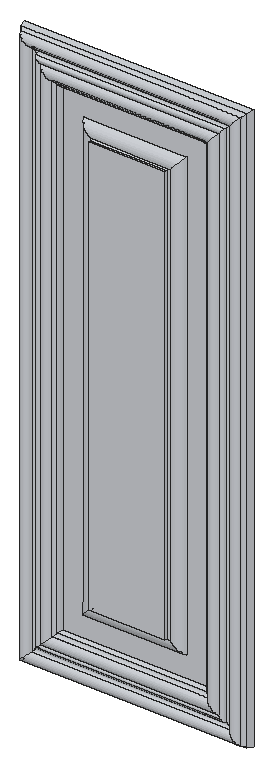
Revit family "OracDecor_D504", category Обобщенные модели, Revit 2019
Family settings
  Может служить основой для арматурных стержней = Нет
  Размер круглого соединителя = Использовать диаметр
  Тип детали = Нормальный
  На основе рабочей плоскости = Нет
  Всегда вертикально = Да
  При загрузке вырезать с полостями = Нет
  Общий = Нет
  Точка расчета площади = Нет
Parameters
  Изготовитель = "Family from POCHERTEAM"  # constant formula
  URL = "t.me/pocherteam"
Reference planes
  plane 1 "По центру (Вперед/Назад)": y = 0
  plane 2: z = 0
  plane 3 "По центру (Влево/Вправо)": x = 0
Forms (mm)
  Sweep 1, solid
    path origin (0, 0, 0) x (1, 0, 0) y (0, 0, 1)
      loop
        line (0, 0) -> (220, 0) -> (220, 550) -> (0, 550) -> (0, 0)
    profile origin (0, 0, 275) x (-1, 0, 0) y (0, -1, 0)
      loop
        line (0, 0) -> (-1.092, 6.893)
        arc (-1.092, 6.893) -> (-2.848, 8.034) -> (-3.799, 9.899) r 4.048
        arc (-3.799, 9.899) -> (-8.799, 13.946) -> (-13.799, 9.899) r 5.112
        arc (-13.799, 9.899) -> (-16.299, 8.529) -> (-18.799, 9.899) r 2.966
        arc (-18.799, 9.899) -> (-20.925, 12.406) -> (-24.019, 11.298) r 2.887
        arc (-24.019, 11.298) -> (-29.473, 15.038) -> (-34.928, 11.298) r 5.847
        arc (-34.928, 11.298) -> (-36.15, 9.737) -> (-38.035, 9.122) r 3.403
        arc (-38.035, 9.122) -> (-39.191, 6.883) -> (-39.745, 4.424) r 9.91
        line (-39.745, 4.424) -> (-60.25, 4.424)
        arc (-60.25, 4.424) -> (-64.711, 10.028) -> (-71.795, 11.089) r 9.78
        arc (-71.795, 11.089) -> (-72.318, 11.826) -> (-73.038, 12.372) r 2.986
        line (-73.038, 12.372) -> (-73.038, 0) -> (0, 0)
  Extrusion 2, solid
    sketch origin (0, 0, 0) x (1, 0, 0) y (0, 0, 1)
      loop
        line (73.038, 476.962) -> (73.038, 73.038) -> (146.962, 73.038) -> (146.962, 476.962) -> (73.038, 476.962)
    from 0 to 15
Dimensions and locks
  Sweep 1 to level = 550 mm
  Sweep 1 to plane 3 "По центру (Влево/Вправо)" = 220 mm
  aligned and locked: level to plane 2
